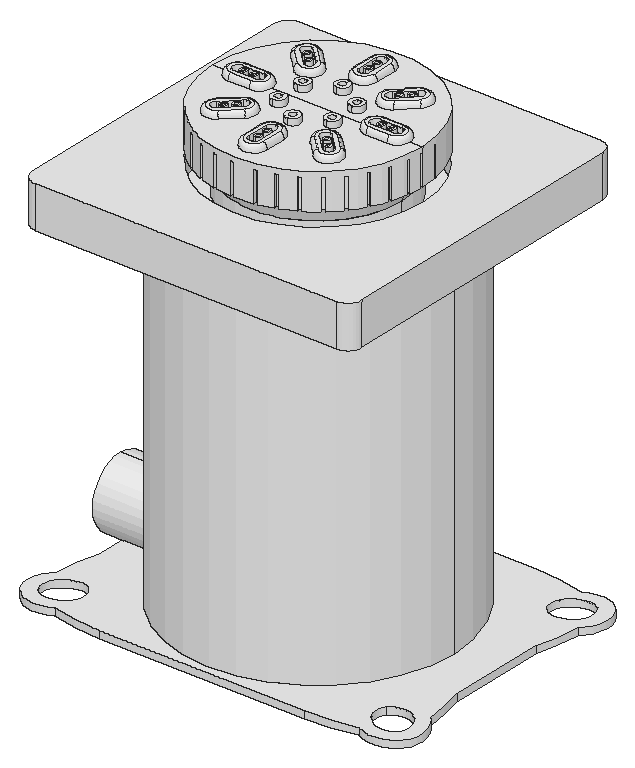
Revit family "xxxBody_Spray-Grohe-Rainshower-Aqua-26745_Series", category Plumbing Fixtures, host Face, Revit 2019 (continued)
Automatic sketch dimensions
  curve 54 to curve 54 = 0.02535"
  curve 35 to curve 30 = 0.1247"
  curve 33 to curve 28 = 0.09907"
  curve 53 to plane 6 = 0.00018"
  curve 53 to curve 53 = 0.00213"
  curve 52 to plane 6 = 0"
  curve 36 to curve 46 = 0.14619"
  curve 50 to plane 6 = 0"
  plane 3 "Center (Left/Right)" to curve 51 = 0.08474"
  curve 50 to curve 14 = 0.05668"
  curve 49 to curve 12 = 0.00505"
  Masking region 1 sketch curve to plane 4 = 0"
  Masking region 1 sketch curve to level = 0"
  Masking region 1 sketch curve to plane 5 = 0"
  Masking region 1 sketch curve to plane 6 = 0.05123"  (x2)
  plane 4 to Masking region 1 sketch curve = 0.53363"
  Masking region 1 sketch curve to Masking region 1 sketch curve = 0.10447"  (x2)
  Masking region 1 sketch curve to Masking region 1 sketch curve = 0.11261"
  Masking region 1 sketch curve to Masking region 1 sketch curve = 0.03579"  (x2)
  Masking region 1 sketch curve to Masking region 1 sketch curve = 0.06003"  (x2)
  Masking region 1 sketch curve to Masking region 1 sketch curve = 0.69813"
  Masking region 1 sketch curve to Masking region 1 sketch curve = 0.0161"
  Masking region 1 sketch curve to Masking region 1 sketch curve = 1/4"
  plane 5 to Masking region 1 sketch curve = 0.29062"
  level to Masking region 1 sketch curve = 3/8"  (x2)
  Masking region 1 sketch curve to plane 4 = 0.29062"
  plane 4 to Masking region 1 sketch curve = 1/4"
  plane 7 to curve 56 = 1/16"
  plane 4 to curve 56 = 0.26451"
  plane 4 to curve 56 = 1/4"
  curve 55 to plane 4 = 0.29062"
  plane 5 to curve 55 = 0.29062"
  curve 56 to curve 56 = 9/16"
  curve 57 to plane 7 = 0"
  curve 57 to curve 55 = 0.09788"
  curve 58 to plane 7 = 0"
  curve 58 to curve 57 = 0.07123"
  curve 59 to plane 7 = 0"
  curve 59 to plane 5 = 0.11262"
  curve 60 to plane 7 = 0"
  plane 4 to curve 60 = 0.11262"
  curve 61 to plane 7 = 0"
  curve 61 to plane 4 = 0.12151"
  curve 62 to plane 7 = 0"
  curve 62 to curve 61 = 0.07123"
  Revolve 1 sketch curve to Revolve 1 sketch curve = 0.08392"
  curve 63 to level = 0"
  plane 4 to curve 63 = 1/4"
  curve 63 to plane 5 = 1/4"
  level to curve 2 = 3/8"
  plane 4 to Extrusion 15 sketch curve = 1/8"
  Extrusion 15 sketch curve to Extrusion 15 sketch curve = 1/8"
  Extrusion 15 sketch curve to plane 5 = 1/8"  (x2)
  radius of Extrusion 2 sketch curve = 1/16"  (x6)
  radius of Extrusion 2 sketch curve = 1/32"  (x22)
  radius of Extrusion 2 sketch curve = 1/64"  (x16)
Connectors (in)
  piping at (-1.75937, 0, -2.875), diameter 0.5, driven by "Tempered Water Connection Diameter"
    settings: on cut or joined group of Extrusion 12, Revolve 13, Revolve 14, index 1, connector inside diameter 24", connector length 0", flow factor 0, pipe flow 0 GPM, pressure drop 0.00 psi, fitting loss kfactor 0, connector angle 0.00°, fixture units 0, engagement length 0", angle of deflection 0.00°, flow configuration 0, flow direction 1, fitting loss method 0, system type 29, joint type 0, gender type 0, connector reference index -1, connector utility 0, adjustable connector no, is connector primary yes, connector description "1/2\" Tempered Water Connection"
Types (3): name | Model | Material | Finish
  (no name) | "26744000" | "Plastic-Grohe-000-Starlight Chrome" | Plastic-Grohe-000-Starlight Chrome
  26744000 | "26744000" | "Plastic-Grohe-000-Starlight Chrome" | Plastic-Grohe-000-Starlight Chrome
  26745EN0 | "26745EN0" | "Plastic-Grohe-Brushed Nickel Infinity Finish" | Plastic-Grohe-Brushed Nickel Infinity Finish
